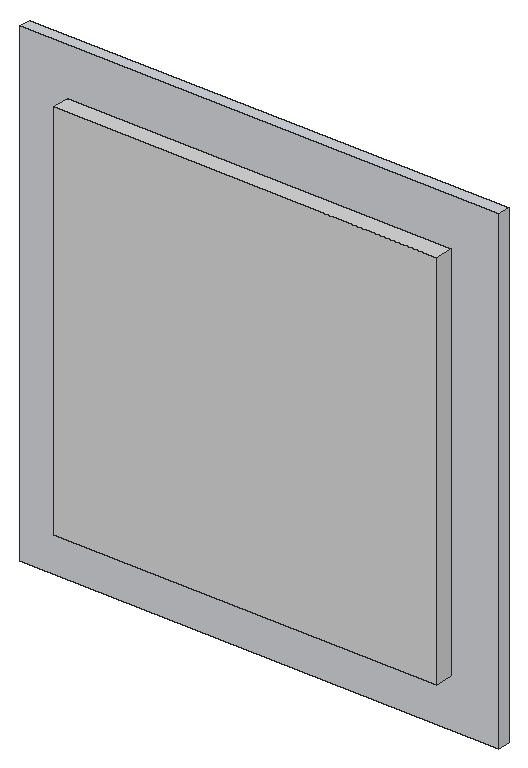
Revit family "НЕВАТОМ_Сменная касcета AxB FVK, Версия 2", category Арматура воздуховодов, Revit 2017
Family settings
  Размер круглого соединителя = Использовать диаметр
  Тип детали = Вставляется
  На основе рабочей плоскости = Нет
  Всегда вертикально = Нет
  При загрузке вырезать с полостями = Нет
  Общий = Нет
Parameters (values of type "НЕВАТОМ_"Cменная кассета FVK"")
  ADSK_Материал [instance] = Фильтрующий материал
  B [instance] = 200 mm
  Толщина [instance] = 5 mm
  Соединение Ширина [instance] = 460 mm
  Соединение Высота [instance] = 460 mm
  А [instance] = 200 mm
  Nevatom_URL = "https://t.me/NEVATOM_Bim_bot"
  ADSK_Расход воздуха = 0.0 m³/h
  ADSK_Позиция = ""
  ADSK_Наименование [instance] = "Cменная кассета FVK"  # constant formula
  ADSK_Марка [instance] = ADSK_Наименование  # "Cменная кассета FVK"
  ADSK_Количество = 1  # constant formula
  ADSK_Код изделия = ""
  ADSK_Завод-изготовитель = "НЕВАТОМ"  # constant formula
  ADSK_Единица измерения = "шт."
Reference planes
  plane 1 "По центру (Вперед/Назад)": y = 0
  plane 2: z = 0
  plane 3 "По центру (Влево/Вправо)": x = 0
  plane 4: y = 2.5
  plane 5: y = -2.5
  plane 6: z = 80
  plane 7: z = -80
  plane 8: z = 100
  plane 9: z = -100
  plane 10: x = -250
  plane 11: x = -50
  plane 12: x = -230
  plane 13: x = -70
Forms (mm)
  Extrusion 1, solid
    sketch origin (0, 0, 0) x (1, 0, 0) y (0, 0, 1)
      loop
        line (-250, 100) -> (-250, -100) -> (-50, -100) -> (-50, 100) -> (-250, 100)
      loop
        line (-230, 80) -> (-230, -80) -> (-70, -80) -> (-70, 80) -> (-230, 80)
    from -2.5 to 2.5
  Extrusion 2, solid, material "Фильтрующий материал" <- "ADSK_Материал"
    sketch origin (0, 0, 0) x (1, 0, 0) y (0, 0, 1)
      loop
        line (-230, 80) -> (-230, -80) -> (-70, -80) -> (-70, 80) -> (-230, 80)
    from 0 to 10
Dimensions and locks
  equal spacing: plane 4, plane 1 "По центру (Вперед/Назад)", plane 5
  plane 8 to plane 6 = 20 mm  (x2)
  plane 7 to plane 9 = 20 mm
  "Толщина": plane 4 to plane 5
  "А": plane 8 to plane 9
  "B": plane 11 to plane 10
  plane 11 to plane 13 = 20 mm
  plane 12 to plane 10 = 20 mm
  equal spacing: plane 8, level, plane 9
  plane 12 to plane 13 = 160 mm
  locked: Extrusion 2 to Extrusion 1 at 12.5
  aligned and locked: level to plane 2
  aligned and locked: Extrusion 1 sketch curve to plane 8
  aligned and locked: Extrusion 1 sketch curve to plane 9
  aligned and locked: Extrusion 1 sketch curve to plane 6
  aligned and locked: plane 7 to Extrusion 1 sketch curve
  aligned and locked: plane 4 to Extrusion 1
  aligned and locked: Extrusion 1 to plane 5
  aligned and locked: Extrusion 1 to plane 10
  aligned and locked: plane 11 to Extrusion 1
  aligned and locked: plane 12 to Extrusion 1
  aligned and locked: Extrusion 1 to plane 13
  aligned and locked: Extrusion 2 sketch curve to plane 6
  aligned and locked: Extrusion 2 sketch curve to plane 13
  aligned and locked: plane 7 to Extrusion 2 sketch curve
  aligned and locked: plane 12 to Extrusion 2 sketch curve
Automatic sketch dimensions
  Extrusion 1 sketch curve to plane 3 "По центру (Влево/Вправо)" = 230 mm
  Extrusion 1 sketch curve to Extrusion 1 sketch curve = 20 mm  (x2)
  Extrusion 1 sketch curve to plane 3 "По центру (Влево/Вправо)" = 70 mm
Connectors
  hvac at (-150, 2.5, 0), driven by "А", driven by "B"
    settings: on Extrusion 1, index 1, duct flow 0.0 m³/h, flow factor 0, pres drop 0.0 Pa, loss coef 0, conn angle 0.00°, conn width 200 mm, conn height 200 mm, conn diameter 609.6 mm, duct sys type 28, conn prof type 1, flow config 0, flow direction 0, loss method 0, conn ref index 2, conn util no, is conn primary yes, conn desc ""
  hvac at (-150, -2.5, 0), driven by "А", driven by "B"
    settings: on Extrusion 1, index 2, duct flow 0.0 m³/h, flow factor 0, pres drop 0.0 Pa, loss coef 0, conn angle 0.00°, conn width 200 mm, conn height 200 mm, conn diameter 609.6 mm, duct sys type 28, conn prof type 1, flow config 0, flow direction 0, loss method 0, conn ref index 1, conn util no, is conn primary no, conn desc ""
